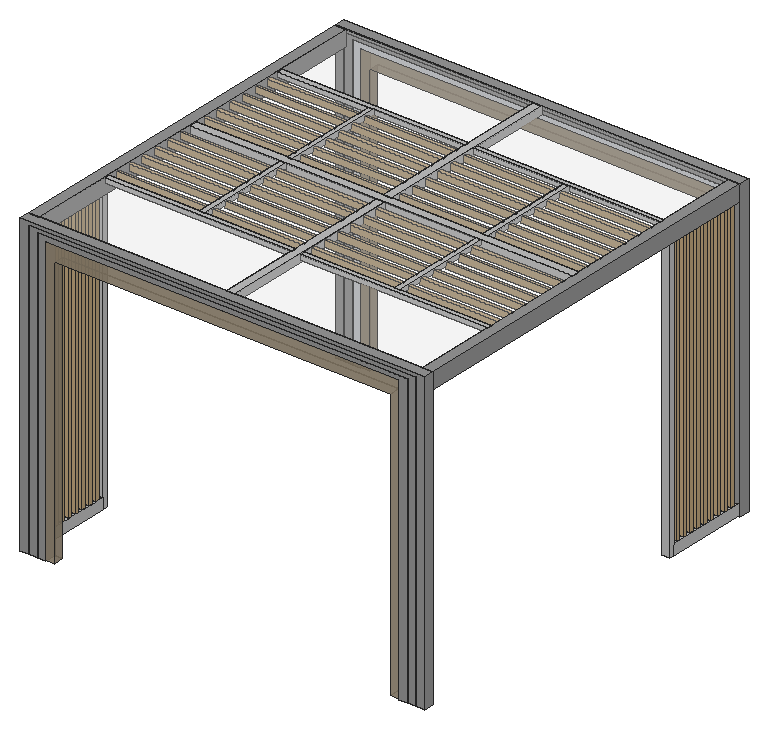
Revit family "L-FUR_파고라_DWP-2028_데오스웍스", category 일반 모델, Revit 2021
Family settings
  보강 철근 호스트 가능 = 아니오
  원형 커넥터 치수 = 지름 사용
  부품 유형 = 보통
  작업 기준면 기반 = 아니오
  항상 수직 = 예
  로드될 때 보이드를 사용하여 절단 = 아니오
  공유 = 아니오
  룸 계산 점 = 아니오
Parameters
  한국산업규격KS = ""
  조달청표준공사코드-세부공종 = "24076841"
  기본 입면도 = 0 mm
  건설정보분류체계-부위분류 = "E941"
  LIM_INFO_주의사항 = "재배포, 재가공, 판매 금지"
  LIM_INFO_제품업체 = "예건"
  LIM_INFO_제품번호 = "YF-16"
  LIM_INFO_제품명 = "펜스_YF-16"
  LIM_INFO_제작일 = "20230315"
  LIM_INFO_재료 = "Hardwood, STL-pipe, STL-plate"
  LIM_INFO_업체정보 = ""
  LIM_INFO_업체URL = "https://yekun.com/"
  LIM_INFO_업체TEL = "(+82)31-943-6114"
  LIM_INFO_업체EMAIL = "yekun@yekun.com"
  LIM_INFO_버전 = "2023_V01"
  LIM_INFO_기타정보 = ""
  LIM_INFO_규격 = "W2000 x H1800"
  LIM_INFO_가격 = 0
  LIM_INFO_PV_포장재여부 = yes
  LIM_INFO_PV_면적 = 0.00 m²
  KBIMS_식별-버전 = ""
  KBIMS_식별-bSK등록번호 = ""
  KBIMS_보급정보-저작자 = "림인포테크_MMJ"
  KBIMS_보급정보-보급코드 = ""
Reference planes
  plane 1 "중심(앞/뒤)": y = 0
  plane 2: z = 0
  plane 3 "중심(왼쪽/오른쪽)": x = 0
Dimensions and locks
  aligned and locked: level to plane 2
Nested families
  nested 1: "DWP-2028_base" at (0, 0, 0), type "DWP-2028_base"
Definition of nested family "DWP-2028_base"
  Parameters (values of type "DWP-2028_base")
    Default Elevation = 0 mm
  Reference planes
    plane 1 "중심(앞/뒤)": y = 0
    plane 2: z = 0
    plane 3 "중심(왼쪽/오른쪽)": x = 0
  Forms (mm)
    Extrusion 1, solid, detail levels fine
      sketch origin (0, 0, 0) x (0, 1, 0) y (0, 0, 1)
        loop
          line (3700, 2800) -> (100, 2800) -> (100, 2650) -> (3700, 2650) -> (3700, 2800)
      from 0 to 100
    Extrusion 2, solid, detail levels fine
      sketch origin (0, 0, 0) x (1, 0, 0) y (0, 0, 1)
        loop
          line (240, 0) -> (320, 0) -> (320, 2540) -> (3480, 2540) -> (3480, 0) -> (3560, 0) -> (3560, 2690) -> (240, 2690) -> (240, 0)
      from -100 to 0
    Extrusion 3, solid, detail levels fine
      sketch origin (0, 0, 0) x (1, 0, 0) y (0, 0, 1)
        loop
          line (240, 2690) -> (3560, 2690) -> (3560, 0) -> (3640, 0) -> (3640, 2730) -> (160, 2730) -> (160, 0) -> (240, 0) -> (240, 2690)
      from -100 to 0
    Extrusion 4, solid, detail levels fine
      sketch origin (0, 0, 0) x (1, 0, 0) y (0, 0, 1)
        loop
          line (80, 2770) -> (3720, 2770) -> (3720, 0) -> (3800, 0) -> (3800, 2800) -> (0, 2800) -> (0, 0) -> (80, 0) -> (80, 2770)
      from -100 to 0
    Extrusion 5, solid, detail levels fine
      sketch origin (0, 0, 0) x (1, 0, 0) y (0, 0, 1)
        loop
          line (80, 2770) -> (80, 0) -> (160, 0) -> (160, 2730) -> (3640, 2730) -> (3640, 0) -> (3720, 0) -> (3720, 2770) -> (80, 2770)
      from -100 to 0
    Extrusion 6, solid, detail levels fine
      sketch origin (0, 0, 0) x (1, 0, 0) y (0, 0, 1)
        loop
          line (240, 0) -> (320, 0) -> (320, 2540) -> (3480, 2540) -> (3480, 0) -> (3560, 0) -> (3560, 2690) -> (240, 2690) -> (240, 0)
      from -3800 to -3700
    Extrusion 7, solid, detail levels fine
      sketch origin (0, 0, 0) x (1, 0, 0) y (0, 0, 1)
        loop
          line (240, 2690) -> (3560, 2690) -> (3560, 0) -> (3640, 0) -> (3640, 2730) -> (160, 2730) -> (160, 0) -> (240, 0) -> (240, 2690)
      from -3800 to -3700
    Extrusion 8, solid, detail levels fine
      sketch origin (0, 0, 0) x (1, 0, 0) y (0, 0, 1)
        loop
          line (80, 2770) -> (80, 0) -> (160, 0) -> (160, 2730) -> (3640, 2730) -> (3640, 0) -> (3720, 0) -> (3720, 2770) -> (80, 2770)
      from -3800 to -3700
    Extrusion 9, solid, detail levels fine
      sketch origin (0, 0, 0) x (1, 0, 0) y (0, 0, 1)
        loop
          line (80, 2770) -> (3720, 2770) -> (3720, 0) -> (3800, 0) -> (3800, 2800) -> (0, 2800) -> (0, 0) -> (80, 0) -> (80, 2770)
      from -3800 to -3700
    Extrusion 10, solid, detail levels fine
      sketch origin (0, 0, 0) x (0, 1, 0) y (0, 0, 1)
        loop
          line (3700, 2800) -> (100, 2800) -> (100, 2650) -> (3700, 2650) -> (3700, 2800)
      from 3700 to 3800
    Extrusion 11, solid, detail levels fine
      sketch origin (0, 0, 0) x (0, 1, 0) y (0, 0, 1)
        loop
          line (2892.5, 2650) -> (2892.5, 0) -> (2937.5, 0) -> (2937.5, 2650) -> (2892.5, 2650)
      from 3712 to 3787
    Extrusion 12, solid, detail levels fine
      sketch origin (0, -2030, 0) x (0, 1, 0) y (0, 0, 1)
        loop
          line (2892.5, 2650) -> (2892.5, 0) -> (2937.5, 0) -> (2937.5, 2650) -> (2892.5, 2650)
      from 13 to 88.192
    Extrusion 13, solid, detail levels fine
      sketch origin (0, 0, 0) x (0, 1, 0) y (0, 0, 1)
        loop
          line (2937.5, 100) -> (2937.5, 0) -> (3700, 0) -> (3700, 100) -> (2937.5, 100)
      from 3712 to 3787
    Extrusion 14, solid, detail levels fine
      sketch origin (0, 0, 0) x (0, 1, 0) y (0, 0, 1)
        loop
          line (176.25, 100) -> (146.251, 100) -> (100, 100) -> (100, 0) -> (862.5, 0) -> (862.5, 100) -> (816.251, 100) -> (786.25, 100) -> (736.252, 100) -> (706.25, 100) -> (656.252, 100) -> (626.249, 100) -> (576.252, 100) -> (546.249, 100) -> (496.25, 100) -> (466.249, 100) -> (416.25, 100) -> (386.249, 100) -> (336.25, 100) -> (306.248, 100) -> (256.254, 100) -> (226.252, 100) -> (176.25, 100)
      from 13 to 88.192
    Extrusion 15, solid, detail levels fine
      sketch origin (0, 0, 0) x (0, 1, 0) y (0, 0, 1)
        loop
          line (3013.75, 100) -> (3013.75, 2650) -> (2983.75, 2650) -> (2983.75, 100) -> (3013.75, 100)
        loop
          line (3063.75, 2650) -> (3063.75, 100) -> (3093.75, 100) -> (3093.75, 2650) -> (3063.75, 2650)
        loop
          line (3143.75, 2650) -> (3143.75, 100) -> (3173.75, 100) -> (3173.75, 2650) -> (3143.75, 2650)
        loop
          line (3223.75, 2650) -> (3223.75, 100) -> (3253.75, 100) -> (3253.75, 2650) -> (3223.75, 2650)
        loop
          line (3303.75, 2650) -> (3303.75, 100) -> (3333.75, 100) -> (3333.75, 2650) -> (3303.75, 2650)
        loop
          line (3383.75, 2650) -> (3383.75, 100) -> (3413.75, 100) -> (3413.75, 2650) -> (3383.75, 2650)
        loop
          line (3463.75, 2650) -> (3463.75, 100) -> (3493.75, 100) -> (3493.75, 2650) -> (3463.75, 2650)
        loop
          line (3543.75, 2650) -> (3543.75, 100) -> (3573.75, 100) -> (3573.75, 2650) -> (3543.75, 2650)
        loop
          line (3623.75, 2650) -> (3623.75, 100) -> (3653.75, 100) -> (3653.75, 2650) -> (3623.75, 2650)
      from 3720 to 3780
    Extrusion 16, solid, detail levels fine
      sketch origin (0, 0, 0) x (0, 1, 0) y (0, 0, 1)
        loop
          line (176.25, 2650) -> (146.25, 2650) -> (146.25, 100) -> (176.25, 100) -> (176.25, 2650)
        loop
          line (256.25, 2650) -> (226.25, 2650) -> (226.25, 100) -> (256.25, 100) -> (256.25, 2650)
        loop
          line (306.25, 100) -> (336.25, 100) -> (336.25, 2650) -> (306.25, 2650) -> (306.25, 100)
        loop
          line (416.25, 2650) -> (386.25, 2650) -> (386.25, 100) -> (416.25, 100) -> (416.25, 2650)
        loop
          line (496.25, 2650) -> (466.25, 2650) -> (466.25, 100) -> (496.25, 100) -> (496.25, 2650)
        loop
          line (546.25, 2650) -> (546.249, 100) -> (576.25, 100) -> (576.25, 2650) -> (546.25, 2650)
        loop
          line (656.25, 2650) -> (626.25, 2650) -> (626.25, 100) -> (656.25, 100) -> (656.25, 2650)
        loop
          line (706.25, 100) -> (736.25, 100) -> (736.25, 2650) -> (706.25, 2650) -> (706.25, 100)
        loop
          line (786.25, 2650) -> (786.25, 100) -> (816.25, 100) -> (816.25, 2650) -> (786.25, 2650)
      from 20 to 80
    Extrusion 17, solid, detail levels fine
      sketch origin (0, 0, 0) x (1, 0, 0) y (0, 1, 0)
        loop
          line (1937.503, 3700) -> (1862.5, 3700) -> (1862.5, 1937.5) -> (1937.503, 1937.5) -> (1937.503, 3700)
        loop
          line (1937.5, 1862.5) -> (1862.5, 1862.5) -> (1862.5, 100) -> (1937.5, 100) -> (1937.5, 1862.5)
      from 2725 to 2800
    Extrusion 18, solid, detail levels fine
      sketch origin (0, 0, 0) x (1, 0, 0) y (0, 1, 0)
        loop
          line (1862.5, 1862.5) -> (1937.498, 1862.5) -> (3700, 1862.5) -> (3700, 1937.5) -> (1937.499, 1937.5) -> (1862.505, 1937.5) -> (1003.751, 1937.5) -> (958.75, 1937.5) -> (100, 1937.5) -> (100, 1862.5) -> (958.75, 1862.5) -> (1003.75, 1862.5) -> (1862.5, 1862.5)
      from 2725 to 2800
    Extrusion 19, solid, detail levels fine
      sketch origin (0, 0, 0) x (1, 0, 0) y (0, 1, 0)
        loop
          line (100, 2937.5) -> (100, 2892.5) -> (1862.5, 2892.5) -> (1862.5, 2937.5) -> (100, 2937.5)
        loop
          line (1937.503, 2937.5) -> (1937.503, 2892.497) -> (3700, 2892.497) -> (3700, 2937.5) -> (1937.503, 2937.5)
        loop
          line (100, 907.5) -> (100, 862.503) -> (1862.5, 862.503) -> (1862.5, 907.5) -> (100, 907.5)
        loop
          line (1937.5, 907.505) -> (1937.5, 862.498) -> (3700, 862.498) -> (3700, 907.505) -> (1937.5, 907.505)
      from 2755 to 2800
    Extrusion 20, solid, detail levels fine
      sketch origin (0, 0, 0) x (1, 0, 0) y (0, 1, 0)
        loop
          line (958.75, 2892.5) -> (958.75, 1937.5) -> (1003.751, 1937.5) -> (1003.751, 2892.5) -> (958.75, 2892.5)
        loop
          line (2796.25, 2892.497) -> (2796.25, 1937.5) -> (2841.25, 1937.5) -> (2841.25, 2892.497) -> (2796.25, 2892.497)
        loop
          line (958.75, 1862.5) -> (958.75, 907.5) -> (1003.751, 907.5) -> (1003.751, 1862.5) -> (958.75, 1862.5)
        loop
          line (2796.25, 1862.5) -> (2796.25, 907.505) -> (2841.25, 907.505) -> (2841.25, 1862.5) -> (2796.25, 1862.5)
      from 2755 to 2800
    Extrusion 21, solid, detail levels fine
      sketch origin (0, 0, 0) x (1, 0, 0) y (0, 1, 0)
        loop
          line (958.75, 2805) -> (100, 2805) -> (100, 2775) -> (958.75, 2775) -> (958.75, 2805)
        loop
          line (958.75, 2655) -> (100, 2655) -> (100, 2625) -> (958.75, 2625) -> (958.75, 2655)
        loop
          line (958.75, 2505) -> (100, 2505) -> (100, 2475) -> (958.75, 2475) -> (958.75, 2505)
        loop
          line (958.75, 2355) -> (100, 2355) -> (100, 2325) -> (958.75, 2325) -> (958.75, 2355)
        loop
          line (958.75, 2205) -> (100, 2205) -> (100, 2175) -> (958.75, 2175) -> (958.75, 2205)
        loop
          line (958.75, 2055) -> (100, 2055) -> (100, 2025) -> (958.75, 2025) -> (958.75, 2055)
        loop
          line (1003.75, 2805) -> (1003.75, 2775) -> (1862.5, 2775) -> (1862.5, 2805) -> (1003.75, 2805)
        loop
          line (1003.75, 2655) -> (1003.75, 2625) -> (1862.5, 2625) -> (1862.5, 2655) -> (1003.75, 2655)
        loop
          line (1862.5, 2475) -> (1862.5, 2505) -> (1003.75, 2505) -> (1003.75, 2475) -> (1862.5, 2475)
        loop
          line (1003.75, 2355) -> (1003.75, 2325) -> (1862.5, 2325) -> (1862.5, 2355) -> (1003.75, 2355)
        loop
          line (1003.75, 2205) -> (1003.75, 2175) -> (1862.5, 2175) -> (1862.5, 2205) -> (1003.75, 2205)
        loop
          line (1003.75, 2055) -> (1003.75, 2025) -> (1862.5, 2025) -> (1862.5, 2055) -> (1003.75, 2055)
        loop
          line (2796.253, 2805) -> (1937.503, 2805) -> (1937.503, 2775) -> (2796.253, 2775) -> (2796.253, 2805)
        loop
          line (2796.253, 2655) -> (1937.503, 2655) -> (1937.503, 2625) -> (2796.253, 2625) -> (2796.253, 2655)
        loop
          line (2796.253, 2505) -> (1937.503, 2505) -> (1937.503, 2475) -> (2796.253, 2475) -> (2796.253, 2505)
        loop
          line (2796.253, 2355) -> (1937.503, 2355) -> (1937.503, 2325) -> (2796.253, 2325) -> (2796.253, 2355)
        loop
          line (2796.253, 2205) -> (1937.503, 2205) -> (1937.503, 2175) -> (2796.253, 2175) -> (2796.253, 2205)
        loop
          line (2796.253, 2055) -> (1937.503, 2055) -> (1937.503, 2025) -> (2796.253, 2025) -> (2796.253, 2055)
        loop
          line (2841.253, 2805) -> (2841.253, 2775) -> (3700.003, 2775) -> (3700.003, 2805) -> (2841.253, 2805)
        loop
          line (2841.253, 2655) -> (2841.253, 2625) -> (3700.003, 2625) -> (3700.003, 2655) -> (2841.253, 2655)
        loop
          line (3700.003, 2475) -> (3700.003, 2505) -> (2841.253, 2505) -> (2841.253, 2475) -> (3700.003, 2475)
        loop
          line (2841.253, 2355) -> (2841.253, 2325) -> (3700.003, 2325) -> (3700.003, 2355) -> (2841.253, 2355)
        loop
          line (2841.253, 2205) -> (2841.253, 2175) -> (3700.003, 2175) -> (3700.003, 2205) -> (2841.253, 2205)
        loop
          line (2841.253, 2055) -> (2841.253, 2025) -> (3700.003, 2025) -> (3700.003, 2055) -> (2841.253, 2055)
        loop
          line (958.75, 1775) -> (100, 1775) -> (100, 1745) -> (958.75, 1745) -> (958.75, 1775)
        loop
          line (958.75, 1625) -> (100, 1625) -> (100, 1595) -> (958.75, 1595) -> (958.75, 1625)
        loop
          line (958.75, 1475) -> (100, 1475) -> (100, 1445) -> (958.75, 1445) -> (958.75, 1475)
        loop
          line (958.75, 1325) -> (100, 1325) -> (100, 1295) -> (958.75, 1295) -> (958.75, 1325)
        loop
          line (958.75, 1175) -> (100, 1175) -> (100, 1145) -> (958.75, 1145) -> (958.75, 1175)
        loop
          line (958.75, 1025) -> (100, 1025) -> (100, 995) -> (958.75, 995) -> (958.75, 1025)
        loop
          line (1003.75, 1775) -> (1003.75, 1745) -> (1862.5, 1745) -> (1862.5, 1775) -> (1003.75, 1775)
        loop
          line (1003.75, 1625) -> (1003.75, 1595) -> (1862.5, 1595) -> (1862.5, 1625) -> (1003.75, 1625)
        loop
          line (1862.5, 1445) -> (1862.5, 1475) -> (1003.75, 1475) -> (1003.75, 1445) -> (1862.5, 1445)
        loop
          line (1003.75, 1325) -> (1003.75, 1295) -> (1862.5, 1295) -> (1862.5, 1325) -> (1003.75, 1325)
        loop
          line (1003.75, 1175) -> (1003.75, 1145) -> (1862.5, 1145) -> (1862.5, 1175) -> (1003.75, 1175)
        loop
          line (1003.75, 1025) -> (1003.75, 995) -> (1862.5, 995) -> (1862.5, 1025) -> (1003.75, 1025)
        loop
          line (2796.25, 1775) -> (1937.5, 1775) -> (1937.5, 1745) -> (2796.25, 1745) -> (2796.25, 1775)
        loop
          line (2796.25, 1625) -> (1937.5, 1625) -> (1937.5, 1595) -> (2796.25, 1595) -> (2796.25, 1625)
        loop
          line (2796.25, 1475) -> (1937.5, 1475) -> (1937.5, 1445) -> (2796.25, 1445) -> (2796.25, 1475)
        loop
          line (2796.25, 1325) -> (1937.5, 1325) -> (1937.5, 1295) -> (2796.25, 1295) -> (2796.25, 1325)
        loop
          line (2796.25, 1175) -> (1937.5, 1175) -> (1937.5, 1145) -> (2796.25, 1145) -> (2796.25, 1175)
        loop
          line (2796.25, 1025) -> (1937.5, 1025) -> (1937.5, 995) -> (2796.25, 995) -> (2796.25, 1025)
        loop
          line (2841.25, 1775) -> (2841.25, 1745) -> (3700, 1745) -> (3700, 1775) -> (2841.25, 1775)
        loop
          line (2841.25, 1625) -> (2841.25, 1595) -> (3700, 1595) -> (3700, 1625) -> (2841.25, 1625)
        loop
          line (3700, 1445) -> (3700, 1475) -> (2841.25, 1475) -> (2841.25, 1445) -> (3700, 1445)
        loop
          line (2841.25, 1325) -> (2841.25, 1295) -> (3700, 1295) -> (3700, 1325) -> (2841.25, 1325)
        loop
          line (2841.25, 1175) -> (2841.25, 1145) -> (3700, 1145) -> (3700, 1175) -> (2841.25, 1175)
        loop
          line (2841.25, 1025) -> (2841.25, 995) -> (3700, 995) -> (3700, 1025) -> (2841.25, 1025)
      from 2735 to 2795
    Extrusion 22, solid, detail levels fine
      sketch origin (0, 0, 0) x (1, 0, 0) y (0, 1, 0)
        loop
          line (100, 3700) -> (100, 2937.5) -> (1862.5, 2937.5) -> (1862.5, 3700) -> (100, 3700)
        loop
          line (3700, 3700) -> (1937.503, 3700) -> (1937.503, 2937.5) -> (3700, 2937.5) -> (3700, 3700)
        loop
          line (100, 2892.5) -> (100, 1937.5) -> (958.75, 1937.5) -> (958.75, 2892.5) -> (100, 2892.5)
        loop
          line (1862.5, 2892.5) -> (1003.751, 2892.5) -> (1003.751, 1937.5) -> (1862.5, 1937.5) -> (1862.5, 2892.5)
        loop
          line (2796.25, 2892.497) -> (1937.503, 2892.497) -> (1937.503, 1937.5) -> (2796.25, 1937.5) -> (2796.25, 2892.497)
        loop
          line (3700, 2892.497) -> (2841.25, 2892.497) -> (2841.25, 1937.5) -> (3700, 1937.5) -> (3700, 2892.497)
        loop
          line (100, 1862.5) -> (100, 907.5) -> (958.75, 907.5) -> (958.75, 1862.5) -> (100, 1862.5)
        loop
          line (1862.5, 1862.5) -> (1003.751, 1862.5) -> (1003.751, 907.5) -> (1862.5, 907.5) -> (1862.5, 1862.5)
        loop
          line (2796.25, 1862.497) -> (1937.503, 1862.497) -> (1937.503, 907.5) -> (2796.25, 907.5) -> (2796.25, 1862.497)
        loop
          line (3700, 1862.497) -> (2841.25, 1862.497) -> (2841.25, 907.5) -> (3700, 907.5) -> (3700, 1862.497)
        loop
          line (100, 862.503) -> (100, 100) -> (1862.5, 100) -> (1862.5, 862.503) -> (100, 862.503)
        loop
          line (1937.5, 862.498) -> (1937.5, 100) -> (3700, 100) -> (3700, 862.498) -> (1937.5, 862.498)
      from 2795 to 2800
    Extrusion 23, solid, detail levels coarse+medium
      sketch origin (0, 0, 0) x (0, 1, 0) y (0, 0, 1)
        loop
          line (3700, 2800) -> (100, 2800) -> (100, 2650) -> (3700, 2650) -> (3700, 2800)
      from 0 to 100
    Extrusion 24, solid, detail levels coarse+medium
      sketch origin (0, 0, 0) x (1, 0, 0) y (0, 0, 1)
        loop
          line (240, 0) -> (320, 0) -> (320, 2540) -> (3480, 2540) -> (3480, 0) -> (3560, 0) -> (3560, 2690) -> (240, 2690) -> (240, 0)
      from -100 to 0
    Extrusion 25, solid, detail levels coarse+medium
      sketch origin (0, 0, 0) x (1, 0, 0) y (0, 0, 1)
        loop
          line (3560, 0) -> (3800, 0) -> (3800, 2800) -> (0, 2800) -> (0, 0) -> (240, 0) -> (240, 2690) -> (3560, 2690) -> (3560, 0)
      from -100 to 0
    Extrusion 26, solid, detail levels coarse+medium
      sketch origin (0, 0, 0) x (1, 0, 0) y (0, 0, 1)
        loop
          line (240, 0) -> (320, 0) -> (320, 2540) -> (3480, 2540) -> (3480, 0) -> (3560, 0) -> (3560, 2690) -> (240, 2690) -> (240, 0)
      from -3800 to -3700
    Extrusion 27, solid, detail levels coarse+medium
      sketch origin (0, 0, 0) x (0, 1, 0) y (0, 0, 1)
        loop
          line (3700, 2800) -> (100, 2800) -> (100, 2650) -> (3700, 2650) -> (3700, 2800)
      from 3700 to 3800
    Extrusion 28, solid, detail levels coarse+medium
      sketch origin (0, 0, 0) x (0, 1, 0) y (0, 0, 1)
        loop
          line (2892.5, 2650) -> (2892.5, 0) -> (2937.5, 0) -> (2937.5, 2650) -> (2892.5, 2650)
      from 3712 to 3787
    Extrusion 29, solid, detail levels coarse+medium
      sketch origin (0, -2030, 0) x (0, 1, 0) y (0, 0, 1)
        loop
          line (2892.5, 2650) -> (2892.5, 0) -> (2937.5, 0) -> (2937.5, 2650) -> (2892.5, 2650)
      from 13 to 88.192
    Extrusion 30, solid, detail levels coarse+medium
      sketch origin (0, 0, 0) x (0, 1, 0) y (0, 0, 1)
        loop
          line (2937.5, 100) -> (2937.5, 0) -> (3700, 0) -> (3700, 100) -> (2937.5, 100)
      from 3712 to 3787
    Extrusion 31, solid, detail levels coarse+medium
      sketch origin (0, 0, 0) x (0, 1, 0) y (0, 0, 1)
        loop
          line (176.25, 100) -> (146.251, 100) -> (100, 100) -> (100, 0) -> (862.5, 0) -> (862.5, 100) -> (816.251, 100) -> (786.25, 100) -> (736.252, 100) -> (706.25, 100) -> (656.252, 100) -> (626.249, 100) -> (576.252, 100) -> (546.249, 100) -> (496.25, 100) -> (466.249, 100) -> (416.25, 100) -> (386.249, 100) -> (336.25, 100) -> (306.248, 100) -> (256.254, 100) -> (226.252, 100) -> (176.25, 100)
      from 13 to 88.192
    Extrusion 32, solid, detail levels coarse+medium
      sketch origin (0, 0, 0) x (0, 1, 0) y (0, 0, 1)
        loop
          line (3333.75, 2650) -> (2983.75, 2650) -> (2983.75, 100) -> (3653.75, 100) -> (3653.75, 2650) -> (3333.75, 2650)
      from 3720 to 3780
    Extrusion 33, solid, detail levels coarse+medium
      sketch origin (0, 0, 0) x (0, 1, 0) y (0, 0, 1)
        loop
          line (816.25, 100) -> (816.25, 2650) -> (146.25, 2650) -> (146.25, 100) -> (816.25, 100)
      from 20 to 80
    Extrusion 34, solid, detail levels coarse+medium
      sketch origin (0, 0, 0) x (1, 0, 0) y (0, 1, 0)
        loop
          line (1937.503, 3700) -> (1862.5, 3700) -> (1862.5, 1937.5) -> (1937.503, 1937.5) -> (1937.503, 3700)
        loop
          line (1937.5, 1862.5) -> (1862.5, 1862.5) -> (1862.5, 100) -> (1937.5, 100) -> (1937.5, 1862.5)
      from 2725 to 2800
    Extrusion 35, solid, detail levels coarse+medium
      sketch origin (0, 0, 0) x (1, 0, 0) y (0, 1, 0)
        loop
          line (1862.5, 1862.5) -> (1937.498, 1862.5) -> (3700, 1862.5) -> (3700, 1937.5) -> (1937.499, 1937.5) -> (1862.505, 1937.5) -> (1003.751, 1937.5) -> (958.75, 1937.5) -> (100, 1937.5) -> (100, 1862.5) -> (958.75, 1862.5) -> (1003.75, 1862.5) -> (1862.5, 1862.5)
      from 2725 to 2800
    Extrusion 36, solid, detail levels coarse+medium
      sketch origin (0, 0, 0) x (1, 0, 0) y (0, 1, 0)
        loop
          line (100, 2937.5) -> (100, 2892.5) -> (1862.5, 2892.5) -> (1862.5, 2937.5) -> (100, 2937.5)
        loop
          line (1937.503, 2937.5) -> (1937.503, 2892.497) -> (3700, 2892.497) -> (3700, 2937.5) -> (1937.503, 2937.5)
        loop
          line (100, 907.5) -> (100, 862.503) -> (1862.5, 862.503) -> (1862.5, 907.5) -> (100, 907.5)
        loop
          line (1937.5, 907.505) -> (1937.5, 862.498) -> (3700, 862.498) -> (3700, 907.505) -> (1937.5, 907.505)
      from 2755 to 2800
    Extrusion 37, solid, detail levels coarse+medium
      sketch origin (0, 0, 0) x (1, 0, 0) y (0, 1, 0)
        loop
          line (958.75, 2892.5) -> (958.75, 1937.5) -> (1003.751, 1937.5) -> (1003.751, 2892.5) -> (958.75, 2892.5)
        loop
          line (2796.25, 2892.497) -> (2796.25, 1937.5) -> (2841.25, 1937.5) -> (2841.25, 2892.497) -> (2796.25, 2892.497)
        loop
          line (958.75, 1862.5) -> (958.75, 907.5) -> (1003.751, 907.5) -> (1003.751, 1862.5) -> (958.75, 1862.5)
        loop
          line (2796.25, 1862.5) -> (2796.25, 907.505) -> (2841.25, 907.505) -> (2841.25, 1862.5) -> (2796.25, 1862.5)
      from 2755 to 2800
    Extrusion 38, solid, detail levels coarse+medium
      sketch origin (0, 0, 0) x (1, 0, 0) y (0, 1, 0)
        loop
          line (958.75, 2805) -> (100, 2805) -> (100, 2025) -> (958.75, 2025) -> (958.75, 2805)
        loop
          line (1862.501, 2805) -> (1003.751, 2805) -> (1003.751, 2025) -> (1862.501, 2025) -> (1862.501, 2805)
        loop
          line (2796.253, 2805) -> (1937.503, 2805) -> (1937.503, 2025) -> (2796.253, 2025) -> (2796.253, 2805)
        loop
          line (3700, 2805) -> (2841.25, 2805) -> (2841.25, 2025) -> (3700, 2025) -> (3700, 2805)
        loop
          line (3700, 1785) -> (2841.25, 1785) -> (2841.25, 1005) -> (3700, 1005) -> (3700, 1785)
        loop
          line (2796.253, 1785) -> (1937.503, 1785) -> (1937.503, 1005) -> (2796.253, 1005) -> (2796.253, 1785)
        loop
          line (1862.501, 1785) -> (1003.751, 1785) -> (1003.751, 1005) -> (1862.501, 1005) -> (1862.501, 1785)
        loop
          line (958.75, 1785) -> (100, 1785) -> (100, 1005) -> (958.75, 1005) -> (958.75, 1785)
      from 2735 to 2795
    Extrusion 39, solid, detail levels coarse+medium
      sketch origin (0, 0, 0) x (1, 0, 0) y (0, 1, 0)
        loop
          line (100, 3700) -> (100, 2937.5) -> (1862.5, 2937.5) -> (1862.5, 3700) -> (100, 3700)
        loop
          line (3700, 3700) -> (1937.503, 3700) -> (1937.503, 2937.5) -> (3700, 2937.5) -> (3700, 3700)
        loop
          line (100, 2892.5) -> (100, 1937.5) -> (958.75, 1937.5) -> (958.75, 2892.5) -> (100, 2892.5)
        loop
          line (1862.5, 2892.5) -> (1003.751, 2892.5) -> (1003.751, 1937.5) -> (1862.5, 1937.5) -> (1862.5, 2892.5)
        loop
          line (2796.25, 2892.497) -> (1937.503, 2892.497) -> (1937.503, 1937.5) -> (2796.25, 1937.5) -> (2796.25, 2892.497)
        loop
          line (3700, 2892.497) -> (2841.25, 2892.497) -> (2841.25, 1937.5) -> (3700, 1937.5) -> (3700, 2892.497)
        loop
          line (100, 1862.5) -> (100, 907.5) -> (958.75, 907.5) -> (958.75, 1862.5) -> (100, 1862.5)
        loop
          line (1862.5, 1862.5) -> (1003.751, 1862.5) -> (1003.751, 907.5) -> (1862.5, 907.5) -> (1862.5, 1862.5)
        loop
          line (2796.25, 1862.497) -> (1937.503, 1862.497) -> (1937.503, 907.5) -> (2796.25, 907.5) -> (2796.25, 1862.497)
        loop
          line (3700, 1862.497) -> (2841.25, 1862.497) -> (2841.25, 907.5) -> (3700, 907.5) -> (3700, 1862.497)
        loop
          line (100, 862.503) -> (100, 100) -> (1862.5, 100) -> (1862.5, 862.503) -> (100, 862.503)
        loop
          line (1937.5, 862.498) -> (1937.5, 100) -> (3700, 100) -> (3700, 862.498) -> (1937.5, 862.498)
      from 2795 to 2800
    Extrusion 40, solid, detail levels coarse+medium
      sketch origin (0, 0, 0) x (1, 0, 0) y (0, 0, 1)
        loop
          line (3560, 0) -> (3800, 0) -> (3800, 2800) -> (0, 2800) -> (0, 0) -> (240, 0) -> (240, 2690) -> (3560, 2690) -> (3560, 0)
      from -3800 to -3700
  Dimensions and locks
    aligned and locked: level to plane 2
